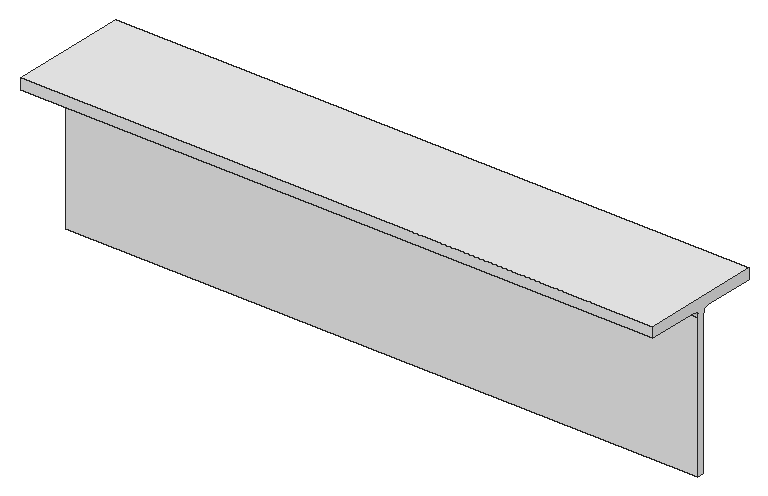
Revit family "M_WT Formas", category Quadro estrutural, Revit 2019
Family settings
  Arredondamento do comprimento do framing estrutural = 0.10 mm
  Forma do corte = Flange paralelo dividido em I
  Material para o comportamento do modelo = Aço
  Exportar sempre como geometria = Não
  Family Name Key = M_WT Shapes
  Nome do código = AISC 14.1
  Número OmniClass = 23.25.30.11.14.14
  Título OmniClass = Beams
  ID de item do Seek = WT-Shapes-0000-CAN-ENU
  Sempre na vertical = Sim
  Corte com vazios quando carregada = Não
  Representação simbólica = Das configurações de projeto
  Compartilhado = Não
  Exibir o pré-corte da família na vista da planta = Sim
Parameters (values of type "WT305X62.5")
  Largura = 229.00 mm
  Espessura da teia = 11.90 mm
  Concordância da teia = 12.70 mm
  Constante da empena = 1850000000.0 mm6
  Momento de inércia de torção = 766000.00 mm4
  Structural Material [instance] = Aço, 45-345
  Section Name Key = ""
  Section Area = 8000.0 mm²
  Plastic Modulus weak axis = 267000.0 mm³
  Plastic Modulus strong axis = 533000.0 mm³
  Nominal Weight = 612.91 N/m
  Moment of Inertia weak axis = 1960 cm⁴
  Moment of Inertia strong axis = 6910 cm⁴
  Height = 307.00 mm
  Flange Thickness = 19.6 mm
  Elastic Modulus weak axis = 172000.0 mm³
  Elastic Modulus strong axis = 300000.0 mm³
  Centroid Vertical = 231.60 mm
  Centroid Horizontal = Largura / 2  # 114.5 mm
  Bolt Spacing = 139.7 mm
  Assembly Code = ""
  Length [instance] = 1500.00 mm
Types (2, lengths in mm): name | Largura | Espessura da teia | Concordância da teia | Constante da empena | Momento de inércia de torção | Section Area | Plastic Modulus weak axis | Plastic Modulus strong axis | Nominal Weight | Moment of Inertia weak axis | Moment of Inertia strong axis | Height | Flange Thickness | Elastic Modulus weak axis | Elastic Modulus strong axis | Centroid Vertical | Centroid Horizontal
  WT305X62.5 | 229.00 | 11.90 | 12.70 | 1850000000.0 mm6 | 766000.00 mm4 | 8000.0 mm² | 267000.0 mm³ | 533000.0 mm³ | 612.91 N/m | 1960 cm⁴ | 6910 cm⁴ | 307.00 | 19.6 | 172000.0 mm³ | 300000.0 mm³ | 231.60 | 114.5
  WT460X119 | 305.00 | 16.50 | 19.10 | 14400000000.0 mm6 | 2570000.00 mm4 | 15200.0 mm² | 633000.0 mm³ | 1640000.0 mm³ | 1167 N/m | 6120 cm⁴ | 30800 cm⁴ | 457.00 | 25.9 | 403000.0 mm³ | 914000.0 mm³ | 337.00 | 152.5
Reference planes
  plane 1 "Centro (Frente/Trás)": y = 0
  plane 2: z = 0
  plane 3 "Centro (Esquerda/Direita)": x = 4.61
  plane 4 "Membro esquerdo": x = -604.99
  plane 5 "Membro direito": x = 614.21
  plane 6: y = 114.5
  plane 7: y = -114.5
  plane 8 "Esquerda": x = -757.39
  plane 9 "Direita": x = 742.61
  plane 10: z = 75.4
  plane 11: z = -231.6
Forms (mm)
  Sweep 1, solid, material "Aço, 45-345" <- "Structural Material", detail levels medium
    path origin (0, 0, 0) x (1, 0, 0) y (0, 1, 0)
      loop
        line (614.21, 0) -> (-604.99, 0)
    profile "M_T estrutural-Perfil-Médio : M_T estrutural-Perfil-Médio" origin (4.61, 0, 0) x (0, -1, 0) y (0, 0, 1)
      loop
        line (-114.5, 75.4) -> (-114.5, 55.8) -> (-5.95, 55.8) -> (-5.95, -231.6) -> (5.95, -231.6) -> (5.95, 55.8) -> (114.5, 55.8) -> (114.5, 75.4) -> (-114.5, 75.4)
  Sweep 2, solid, material "Aço, 45-345" <- "Structural Material", detail levels fine
    path origin (0, 0, 0) x (1, 0, 0) y (0, 1, 0)
      loop
        line (614.21, 0) -> (-604.99, 0)
    profile "M_T estrutural-Perfil-Alto : M_T estrutural-Perfil-Alto" origin (4.61, 0, 0) x (0, -1, 0) y (0, 0, 1)
      loop
        line (-114.5, 75.4) -> (-114.5, 55.8) -> (-18.65, 55.8)
        arc (-18.65, 55.8) -> (-9.67, 52.08) -> (-5.95, 43.1) r 12.7
        line (-5.95, 43.1) -> (-5.95, -231.6) -> (5.95, -231.6) -> (5.95, 43.1)
        arc (5.95, 43.1) -> (9.67, 52.08) -> (18.65, 55.8) r 12.7
        line (18.65, 55.8) -> (114.5, 55.8) -> (114.5, 75.4) -> (-114.5, 75.4)
Lines and regions (mm)
  symbolic lines, style "Faces ocultas", detail levels medium+fine
    curve 1: line (614.21, -5.95, 0) -> (-604.99, -5.95, 0)
    curve 2: line (614.21, 5.95, 0) -> (-604.99, 5.95, 0)
  symbolic lines, style "Símbolos de vara", detail levels coarse
    curve 3: line (4.61, 114.5, 75.4) -> (4.61, -114.5, 75.4)
    curve 4: line (4.61, 0, 75.4) -> (4.61, 0, -231.6)
Dimensions and locks
  "Largura": plane 6 to plane 7
  equal spacing: plane 6, plane 1 "Centro (Frente/Trás)", plane 7
  "Length": plane 8 "Esquerda" to plane 9 "Direita"
  "Height": plane 10 to plane 11
  "Centroid Vertical": level to plane 11
  equal spacing: curve 2, plane 1 "Centro (Frente/Trás)", curve 1
  "Espessura da teia": curve 2 to curve 1
  aligned and locked: Sweep 1 sketch curve to plane 1 "Centro (Frente/Trás)"
  aligned and locked: Sweep 2 sketch curve to plane 1 "Centro (Frente/Trás)"
  aligned and locked: Sweep 2 to curve 3  (x2)
  aligned and locked: curve 4 to Sweep 1
  aligned and locked: curve 3 to Sweep 2
  aligned and locked: plane 4 "Membro esquerdo" to Sweep 2 sketch curve
  aligned and locked: plane 5 "Membro direito" to Sweep 2 sketch curve
  aligned and locked: plane 4 "Membro esquerdo" to Sweep 1 sketch curve
  aligned and locked: plane 5 "Membro direito" to Sweep 1 sketch curve
  aligned and locked: plane 4 "Membro esquerdo" to curve 2
  aligned and locked: plane 4 "Membro esquerdo" to curve 1
  aligned and locked: plane 5 "Membro direito" to curve 1
  aligned and locked: plane 5 "Membro direito" to curve 2
  aligned and locked: curve 4 to plane 1 "Centro (Frente/Trás)"
  aligned and locked: plane 10 to curve 4
Types in the file's own list only (271): name | Largura | Espessura da teia | Concordância da teia | Constante da empena | Momento de inércia de torção | Chave do nome do corte | Área de corte | Eixo fraco do módulo plástico | Eixo forte do módulo plástico | Peso nominal | Eixo fraco do momento de inércia | Eixo forte do momento de inércia | Altura | Espessura do flange | Eixo fraco do módulo de elasticidade | Eixo forte do módulo de elasticidade | Centróide vertical | Centróide horizontal | Espaçamento do parafuso
  WT550X249.5 | 404.00 mm | 26.20 mm | 20.00 mm | 118000000000.0 mm6 | 15500000.00 mm4 | WT22X167.5 | 31700.0 mm² | 1930000.0 mm³ | 3830000.0 mm³ | 250.00 kgf/m | 250000000.00 mm4 | 903000000.00 mm4 | 559.00 mm | 45.00 mm | 1230000.0 mm³ | 2150000.0 mm³ | 419.00 mm | 202.00 mm | 139.70 mm
  WT550X216.5 | 401.00 mm | 22.00 mm | 19.80 mm | 73800000000.0 mm6 | 10600000.00 mm4 | WT22X145 | 27500.0 mm² | 1670000.0 mm³ | 3210000.0 mm³ | 216.00 kgf/m | 217000000.00 mm4 | 762000000.00 mm4 | 554.00 mm | 40.10 mm | 1080000.0 mm³ | 1820000.0 mm³ | 420.00 mm | 200.50 mm | 139.70 mm
  WT550X195 | 401.00 mm | 19.90 mm | 19.80 mm | 53700000000.0 mm6 | 7740000.00 mm4 | WT22X131 | 24800.0 mm² | 1490000.0 mm³ | 2880000.0 mm³ | 195.00 kgf/m | 192000000.00 mm4 | 683000000.00 mm4 | 551.00 mm | 36.10 mm | 960000.0 mm³ | 1630000.0 mm³ | 419.00 mm | 200.50 mm | 139.70 mm
  WT550X171.5 | 401.00 mm | 18.00 mm | 20.10 mm | 37300000000.0 mm6 | 5160000.00 mm4 | WT22X115 | 21900.0 mm² | 1280000.0 mm³ | 2570000.0 mm³ | 172.00 kgf/m | 166000000.00 mm4 | 599000000.00 mm4 | 546.00 mm | 31.00 mm | 828000.0 mm³ | 1450000.0 mm³ | 415.00 mm | 200.50 mm | 139.70 mm
  WT500X441.5 | 424.00 mm | 45.50 mm | 30.00 mm | 628000000000.0 mm6 | 92000000.00 mm4 | WT20X296.5 | 56300.0 mm² | 3930000.0 mm³ | 6210000.0 mm³ | 442.00 kgf/m | 524000000.00 mm4 | 1380000000.00 mm4 | 546.00 mm | 82.00 mm | 2470000.0 mm³ | 3420000.0 mm³ | 402.00 mm | 212.00 mm | 190.50 mm
  WT500X374 | 417.00 mm | 39.10 mm | 29.90 mm | 376000000000.0 mm6 | 57400000.00 mm4 | WT20X251.5 | 47700.0 mm² | 3230000.0 mm³ | 5150000.0 mm³ | 374.00 kgf/m | 425000000.00 mm4 | 1140000000.00 mm4 | 533.00 mm | 70.10 mm | 2030000.0 mm³ | 2850000.0 mm³ | 396.00 mm | 208.50 mm | 190.50 mm
  WT500X321 | 411.00 mm | 34.00 mm | 30.00 mm | 237000000000.0 mm6 | 36700000.00 mm4 | WT20X215.5 | 40800.0 mm² | 2690000.0 mm³ | 4360000.0 mm³ | 321.00 kgf/m | 351000000.00 mm4 | 953000000.00 mm4 | 523.00 mm | 59.90 mm | 1700000.0 mm³ | 2430000.0 mm³ | 391.00 mm | 205.50 mm | 190.50 mm
  WT500X295.5 | 409.00 mm | 31.00 mm | 30.00 mm | 182000000000.0 mm6 | 29400000.00 mm4 | WT20X198.5 | 37600.0 mm² | 2460000.0 mm³ | 3930000.0 mm³ | 296.00 kgf/m | 321000000.00 mm4 | 862000000.00 mm4 | 521.00 mm | 55.90 mm | 1570000.0 mm³ | 2200000.0 mm³ | 393.00 mm | 204.50 mm | 190.50 mm
  WT500X277 | 409.00 mm | 29.50 mm | 29.90 mm | 150000000000.0 mm6 | 24000000.00 mm4 | WT20X186 | 35300.0 mm² | 2260000.0 mm³ | 3690000.0 mm³ | 277.00 kgf/m | 295000000.00 mm4 | 803000000.00 mm4 | 516.00 mm | 52.10 mm | 1450000.0 mm³ | 2060000.0 mm³ | 390.00 mm | 204.50 mm | 190.50 mm
  WT500X269.5 | 406.00 mm | 28.40 mm | 29.90 mm | 137000000000.0 mm6 | 22600000.00 mm4 | WT20X181 | 34300.0 mm² | 2210000.0 mm³ | 3560000.0 mm³ | 270.00 kgf/m | 288000000.00 mm4 | 778000000.00 mm4 | 516.00 mm | 51.10 mm | 1410000.0 mm³ | 2000000.0 mm³ | 391.00 mm | 203.00 mm | 190.50 mm
  WT500X241.5 | 404.00 mm | 25.40 mm | 29.90 mm | 97200000000.0 mm6 | 16500000.00 mm4 | WT20X162 | 30800.0 mm² | 1950000.0 mm³ | 3150000.0 mm³ | 242.00 kgf/m | 253000000.00 mm4 | 687000000.00 mm4 | 511.00 mm | 46.00 mm | 1260000.0 mm³ | 1770000.0 mm³ | 390.00 mm | 202.00 mm | 190.50 mm
  WT500X221.5 | 401.00 mm | 23.60 mm | 30.00 mm | 74900000000.0 mm6 | 12700000.00 mm4 | WT20X148.5 | 28100.0 mm² | 1750000.0 mm³ | 2880000.0 mm³ | 222.00 kgf/m | 227000000.00 mm4 | 624000000.00 mm4 | 505.00 mm | 41.90 mm | 1130000.0 mm³ | 1620000.0 mm³ | 385.00 mm | 200.50 mm | 190.50 mm
  WT500X206 | 401.00 mm | 21.10 mm | 30.00 mm | 58500000000.0 mm6 | 10700000.00 mm4 | WT20X138.5 | 26300.0 mm² | 1670000.0 mm³ | 2570000.0 mm³ | 206.00 kgf/m | 217000000.00 mm4 | 566000000.00 mm4 | 503.00 mm | 40.10 mm | 1080000.0 mm³ | 1450000.0 mm³ | 389.00 mm | 200.50 mm | 190.50 mm
  WT500X185.5 | 401.00 mm | 19.10 mm | 29.90 mm | 42400000000.0 mm6 | 7910000.00 mm4 | WT20X124.5 | 23700.0 mm² | 1490000.0 mm³ | 2290000.0 mm³ | 186.00 kgf/m | 193000000.00 mm4 | 504000000.00 mm4 | 500.00 mm | 36.10 mm | 964000.0 mm³ | 1300000.0 mm³ | 388.00 mm | 200.50 mm | 190.50 mm
  WT500X160.5 | 401.00 mm | 16.50 mm | 30.00 mm | 27100000000.0 mm6 | 5160000.00 mm4 | WT20X107.5 | 20500.0 mm² | 1270000.0 mm³ | 1970000.0 mm³ | 160.00 kgf/m | 166000000.00 mm4 | 429000000.00 mm4 | 495.00 mm | 31.00 mm | 828000.0 mm³ | 1110000.0 mm³ | 386.00 mm | 200.50 mm | 190.50 mm
  WT500X148 | 401.00 mm | 16.50 mm | 30.00 mm | 22400000000.0 mm6 | 3800000.00 mm4 | WT20X99.5 | 18800.0 mm² | 1120000.0 mm³ | 1920000.0 mm³ | 148.00 kgf/m | 144000000.00 mm4 | 411000000.00 mm4 | 490.00 mm | 27.20 mm | 723000.0 mm³ | 1090000.0 mm³ | 376.00 mm | 200.50 mm | 190.50 mm
  WT500X292 | 315.00 mm | 36.10 mm | 30.00 mm | 214000000000.0 mm6 | 35500000.00 mm4 | WT20X196 | 37300.0 mm² | 1740000.0 mm³ | 4510000.0 mm³ | 292.00 kgf/m | 167000000.00 mm4 | 945000000.00 mm4 | 528.00 mm | 64.00 mm | 1060000.0 mm³ | 2510000.0 mm³ | 377.00 mm | 157.50 mm | 190.50 mm
  WT500X247 | 310.00 mm | 31.00 mm | 30.00 mm | 130000000000.0 mm6 | 21900000.00 mm4 | WT20X165.5 | 31500.0 mm² | 1400000.0 mm³ | 3790000.0 mm³ | 247.00 kgf/m | 134000000.00 mm4 | 783000000.00 mm4 | 518.00 mm | 54.10 mm | 867000.0 mm³ | 2100000.0 mm³ | 372.00 mm | 155.00 mm | 190.50 mm
  WT500X243 | 307.00 mm | 30.00 mm | 30.00 mm | 121000000000.0 mm6 | 21400000.00 mm4 | WT20X163.5 | 30900.0 mm² | 1390000.0 mm³ | 3670000.0 mm³ | 243.00 kgf/m | 133000000.00 mm4 | 766000000.00 mm4 | 518.00 mm | 54.10 mm | 864000.0 mm³ | 2050000.0 mm³ | 374.00 mm | 153.50 mm | 190.50 mm
  WT500X219 | 305.00 mm | 26.90 mm | 30.00 mm | 86500000000.0 mm6 | 15900000.00 mm4 | WT20X147 | 27800.0 mm² | 1230000.0 mm³ | 3260000.0 mm³ | 219.00 kgf/m | 117000000.00 mm4 | 678000000.00 mm4 | 513.00 mm | 49.00 mm | 765000.0 mm³ | 1820000.0 mm³ | 373.00 mm | 152.50 mm | 190.50 mm
  WT500X207.5 | 305.00 mm | 26.20 mm | 29.90 mm | 75700000000.0 mm6 | 13500000.00 mm4 | WT20X139 | 26500.0 mm² | 1150000.0 mm³ | 3130000.0 mm³ | 208.00 kgf/m | 109000000.00 mm4 | 645000000.00 mm4 | 511.00 mm | 46.00 mm | 713000.0 mm³ | 1740000.0 mm³ | 371.00 mm | 152.50 mm | 190.50 mm
  WT500X196.5 | 302.00 mm | 24.40 mm | 30.00 mm | 62600000000.0 mm6 | 11600000.00 mm4 | WT20X132 | 25000.0 mm² | 1080000.0 mm³ | 2920000.0 mm³ | 196.00 kgf/m | 102000000.00 mm4 | 604000000.00 mm4 | 508.00 mm | 43.90 mm | 677000.0 mm³ | 1630000.0 mm³ | 371.00 mm | 151.00 mm | 190.50 mm
  WT500X175 | 302.00 mm | 21.10 mm | 30.00 mm | 41900000000.0 mm6 | 8570000.00 mm4 | WT20X117.5 | 22300.0 mm² | 967000.0 mm³ | 2510000.0 mm³ | 175.00 kgf/m | 92400000.00 mm4 | 524000000.00 mm4 | 503.00 mm | 40.10 mm | 611000.0 mm³ | 1400000.0 mm³ | 372.00 mm | 151.00 mm | 190.50 mm
  WT500X157 | 300.00 mm | 19.10 mm | 29.90 mm | 30300000000.0 mm6 | 6330000.00 mm4 | WT20X105.5 | 20100.0 mm² | 854000.0 mm³ | 2250000.0 mm³ | 157.00 kgf/m | 81200000.00 mm4 | 466000000.00 mm4 | 500.00 mm | 36.10 mm | 541000.0 mm³ | 1260000.0 mm³ | 371.00 mm | 150.00 mm | 190.50 mm
  WT500X136 | 300.00 mm | 16.50 mm | 30.00 mm | 19100000000.0 mm6 | 4020000.00 mm4 | WT20X91.5 | 17200.0 mm² | 721000.0 mm³ | 1920000.0 mm³ | 136.00 kgf/m | 68700000.00 mm4 | 398000000.00 mm4 | 495.00 mm | 30.50 mm | 459000.0 mm³ | 1080000.0 mm³ | 369.00 mm | 150.00 mm | 190.50 mm
  WT500X124.5 | 300.00 mm | 16.50 mm | 29.90 mm | 16900000000.0 mm6 | 2910000.00 mm4 | WT20X83.5 | 15800.0 mm² | 619000.0 mm³ | 1880000.0 mm³ | 125.00 kgf/m | 58700000.00 mm4 | 374000000.00 mm4 | 490.00 mm | 26.20 mm | 392000.0 mm³ | 1040000.0 mm³ | 358.00 mm | 150.00 mm | 190.50 mm
  WT500X111 | 300.00 mm | 16.00 mm | 30.00 mm | 13900000000.0 mm6 | 1940000.00 mm4 | WT20X74.5 | 14100.0 mm² | 506000.0 mm³ | 1770000.0 mm³ | 111.00 kgf/m | 47500000.00 mm4 | 339000000.00 mm4 | 485.00 mm | 21.10 mm | 318000.0 mm³ | 978000.0 mm³ | 347.00 mm | 150.00 mm | 190.50 mm
  WT460X485 | 447.00 mm | 50.00 mm | 24.10 mm | 824000000000.0 mm6 | 123000000.00 mm4 | WT18X326 | 62100.0 mm² | 4750000.0 mm³ | 6280000.0 mm³ | 485.00 kgf/m | 670000000.00 mm4 | 1320000000.00 mm4 | 521.00 mm | 89.90 mm | 3020000.0 mm³ | 3410000.0 mm³ | 385.00 mm | 223.50 mm | 190.50 mm
  WT460X393.5 | 437.00 mm | 40.90 mm | 24.10 mm | 430000000000.0 mm6 | 67800000.00 mm4 | WT18X264.5 | 50200.0 mm² | 3720000.0 mm³ | 4880000.0 mm³ | 394.00 kgf/m | 516000000.00 mm4 | 1020000000.00 mm4 | 505.00 mm | 73.90 mm | 2380000.0 mm³ | 2690000.0 mm³ | 379.00 mm | 218.50 mm | 190.50 mm
  WT460X362.5 | 434.00 mm | 38.10 mm | 24.10 mm | 336000000000.0 mm6 | 53300000.00 mm4 | WT18X243.5 | 46300.0 mm² | 3380000.0 mm³ | 4460000.0 mm³ | 362.00 kgf/m | 466000000.00 mm4 | 924000000.00 mm4 | 500.00 mm | 68.10 mm | 2150000.0 mm³ | 2460000.0 mm³ | 377.00 mm | 217.00 mm | 190.50 mm
  WT460X328 | 432.00 mm | 34.50 mm | 24.10 mm | 245000000000.0 mm6 | 40200000.00 mm4 | WT18X220.5 | 41900.0 mm² | 3020000.0 mm³ | 3970000.0 mm³ | 328.00 kgf/m | 415000000.00 mm4 | 824000000.00 mm4 | 493.00 mm | 62.00 mm | 1920000.0 mm³ | 2200000.0 mm³ | 374.00 mm | 216.00 mm | 190.50 mm
  WT460X294 | 427.00 mm | 31.00 mm | 24.10 mm | 175000000000.0 mm6 | 29400000.00 mm4 | WT18X197.5 | 37500.0 mm² | 2650000.0 mm³ | 3490000.0 mm³ | 294.00 kgf/m | 365000000.00 mm4 | 724000000.00 mm4 | 488.00 mm | 55.90 mm | 1700000.0 mm³ | 1950000.0 mm³ | 373.00 mm | 213.50 mm | 190.50 mm
  WT460X268.5 | 424.00 mm | 28.40 mm | 24.10 mm | 132000000000.0 mm6 | 22500000.00 mm4 | WT18X180.5 | 34200.0 mm² | 2390000.0 mm³ | 3150000.0 mm³ | 268.00 kgf/m | 327000000.00 mm4 | 653000000.00 mm4 | 483.00 mm | 51.10 mm | 1540000.0 mm³ | 1750000.0 mm³ | 371.00 mm | 212.00 mm | 190.50 mm
  WT460X245.5 | 422.00 mm | 25.90 mm | 24.10 mm | 99900000000.0 mm6 | 17500000.00 mm4 | WT18X165 | 31200.0 mm² | 2160000.0 mm³ | 2830000.0 mm³ | 246.00 kgf/m | 296000000.00 mm4 | 587000000.00 mm4 | 478.00 mm | 47.00 mm | 1400000.0 mm³ | 1590000.0 mm³ | 369.00 mm | 211.00 mm | 190.50 mm
  WT460X224.5 | 424.00 mm | 24.00 mm | 24.10 mm | 76500000000.0 mm6 | 13400000.00 mm4 | WT18X151 | 28700.0 mm² | 1970000.0 mm³ | 2590000.0 mm³ | 224.00 kgf/m | 270000000.00 mm4 | 533000000.00 mm4 | 475.00 mm | 42.70 mm | 1270000.0 mm³ | 1460000.0 mm³ | 368.00 mm | 212.00 mm | 190.50 mm
  WT460X210 | 422.00 mm | 22.50 mm | 24.10 mm | 62000000000.0 mm6 | 10900000.00 mm4 | WT18X141 | 26800.0 mm² | 1840000.0 mm³ | 2390000.0 mm³ | 210.00 kgf/m | 249000000.00 mm4 | 495000000.00 mm4 | 472.00 mm | 39.90 mm | 1180000.0 mm³ | 1350000.0 mm³ | 366.00 mm | 211.00 mm | 190.50 mm
  WT460X195 | 422.00 mm | 21.30 mm | 24.10 mm | 49700000000.0 mm6 | 8660000.00 mm4 | WT18X131 | 24800.0 mm² | 1670000.0 mm³ | 2250000.0 mm³ | 195.00 kgf/m | 227000000.00 mm4 | 462000000.00 mm4 | 467.00 mm | 36.60 mm | 1080000.0 mm³ | 1270000.0 mm³ | 362.00 mm | 211.00 mm | 190.50 mm
  WT460X184 | 419.00 mm | 20.30 mm | 24.10 mm | 41600000000.0 mm6 | 7200000.00 mm4 | WT18X123.5 | 23400.0 mm² | 1550000.0 mm³ | 2110000.0 mm³ | 184.00 kgf/m | 211000000.00 mm4 | 433000000.00 mm4 | 465.00 mm | 34.30 mm | 1010000.0 mm³ | 1200000.0 mm³ | 360.00 mm | 209.50 mm | 190.50 mm
  WT460X171.9 | 419.00 mm | 19.30 mm | 24.10 mm | 34600000000.0 mm6 | 5950000.00 mm4 | WT18X115.5 | 22000.0 mm² | 1440000.0 mm³ | 2000000.0 mm³ | 172.00 kgf/m | 196000000.00 mm4 | 407000000.00 mm4 | 464.00 mm | 32.00 mm | 934000.0 mm³ | 1130000.0 mm³ | 360.00 mm | 209.50 mm | 190.50 mm
  WT460X190.5 | 310.00 mm | 24.40 mm | 19.10 mm | 55000000000.0 mm6 | 11000000.00 mm4 | WT18X128 | 24300.0 mm² | 1120000.0 mm³ | 2560000.0 mm³ | 190.00 kgf/m | 110000000.00 mm4 | 504000000.00 mm4 | 475.00 mm | 43.90 mm | 708000.0 mm³ | 1430000.0 mm³ | 350.00 mm | 155.00 mm | 139.70 mm
  WT460X172.5 | 307.00 mm | 22.10 mm | 19.00 mm | 40500000000.0 mm6 | 8200000.00 mm4 | WT18X116 | 21900.0 mm² | 998000.0 mm³ | 2290000.0 mm³ | 172.00 kgf/m | 97400000.00 mm4 | 450000000.00 mm4 | 472.00 mm | 39.90 mm | 633000.0 mm³ | 1290000.0 mm³ | 350.00 mm | 153.50 mm | 139.70 mm
  WT460X156.5 | 310.00 mm | 21.10 mm | 19.10 mm | 32000000000.0 mm6 | 5790000.00 mm4 | WT18X105 | 19900.0 mm² | 875000.0 mm³ | 2150000.0 mm³ | 156.00 kgf/m | 85700000.00 mm4 | 410000000.00 mm4 | 465.00 mm | 34.50 mm | 554000.0 mm³ | 1200000.0 mm³ | 341.00 mm | 155.00 mm | 139.70 mm
  WT460X144.5 | 307.00 mm | 19.40 mm | 19.10 mm | 24900000000.0 mm6 | 4620000.00 mm4 | WT18X97 | 18400.0 mm² | 800000.0 mm³ | 1970000.0 mm³ | 144.00 kgf/m | 77800000.00 mm4 | 375000000.00 mm4 | 462.00 mm | 32.00 mm | 506000.0 mm³ | 1100000.0 mm³ | 340.00 mm | 153.50 mm | 139.70 mm
  WT460X135.5 | 307.00 mm | 18.40 mm | 19.00 mm | 20800000000.0 mm6 | 3830000.00 mm4 | WT18X91 | 17300.0 mm² | 742000.0 mm³ | 1850000.0 mm³ | 136.00 kgf/m | 72400000.00 mm4 | 352000000.00 mm4 | 462.00 mm | 30.00 mm | 472000.0 mm³ | 1030000.0 mm³ | 341.00 mm | 153.50 mm | 139.70 mm
  WT460X126.5 | 305.00 mm | 17.30 mm | 19.10 mm | 17000000000.0 mm6 | 3130000.00 mm4 | WT18X85 | 16100.0 mm² | 685000.0 mm³ | 1720000.0 mm³ | 126.00 kgf/m | 66600000.00 mm4 | 327000000.00 mm4 | 460.00 mm | 27.90 mm | 436000.0 mm³ | 965000.0 mm³ | 340.00 mm | 152.50 mm | 139.70 mm
  WT460X111.5 | 305.00 mm | 15.90 mm | 19.00 mm | 12400000000.0 mm6 | 2100000.00 mm4 | WT18X75 | 14300.0 mm² | 580000.0 mm³ | 1560000.0 mm³ | 112.00 kgf/m | 56200000.00 mm4 | 291000000.00 mm4 | 455.00 mm | 23.90 mm | 369000.0 mm³ | 870000.0 mm³ | 334.00 mm | 152.50 mm | 139.70 mm
  WT460X100.5 | 305.00 mm | 15.20 mm | 19.00 mm | 10000000000.0 mm6 | 1450000.00 mm4 | WT18X67.5 | 12800.0 mm² | 488000.0 mm³ | 1480000.0 mm³ | 100.00 kgf/m | 47000000.00 mm4 | 265000000.00 mm4 | 452.00 mm | 20.10 mm | 310000.0 mm³ | 814000.0 mm³ | 326.00 mm | 152.50 mm | 139.70 mm
  WT420X288 | 411.00 mm | 32.00 mm | 20.10 mm | 165000000000.0 mm6 | 30800000.00 mm4 | WT16.5X193.5 | 36800.0 mm² | 2560000.0 mm³ | 3160000.0 mm³ | 288.00 kgf/m | 337000000.00 mm4 | 608000000.00 mm4 | 457.00 mm | 57.90 mm | 1640000.0 mm³ | 1750000.0 mm³ | 349.00 mm | 205.50 mm | 139.70 mm
  WT420X263.5 | 409.00 mm | 29.50 mm | 20.10 mm | 126000000000.0 mm6 | 23800000.00 mm4 | WT16.5X177 | 33600.0 mm² | 2310000.0 mm³ | 2850000.0 mm³ | 264.00 kgf/m | 303000000.00 mm4 | 549000000.00 mm4 | 452.00 mm | 53.10 mm | 1480000.0 mm³ | 1590000.0 mm³ | 347.00 mm | 204.50 mm | 139.70 mm
  WT420X236.5 | 406.00 mm | 26.40 mm | 20.10 mm | 90000000000.0 mm6 | 17500000.00 mm4 | WT16.5X159 | 30200.0 mm² | 2050000.0 mm³ | 2520000.0 mm³ | 237.00 kgf/m | 268000000.00 mm4 | 483000000.00 mm4 | 447.00 mm | 48.00 mm | 1320000.0 mm³ | 1410000.0 mm³ | 345.00 mm | 203.00 mm | 139.70 mm
  WT420X216.5 | 404.00 mm | 24.40 mm | 20.10 mm | 68700000000.0 mm6 | 13500000.00 mm4 | WT16.5X145.5 | 27600.0 mm² | 1850000.0 mm³ | 2290000.0 mm³ | 216.00 kgf/m | 242000000.00 mm4 | 441000000.00 mm4 | 442.00 mm | 43.90 mm | 1200000.0 mm³ | 1280000.0 mm³ | 342.20 mm | 202.00 mm | 139.70 mm
  WT420X196 | 401.00 mm | 22.10 mm | 20.00 mm | 50500000000.0 mm6 | 10100000.00 mm4 | WT16.5X131.5 | 25000.0 mm² | 1660000.0 mm³ | 2050000.0 mm³ | 196.00 kgf/m | 215000000.00 mm4 | 393000000.00 mm4 | 439.00 mm | 39.90 mm | 1070000.0 mm³ | 1150000.0 mm³ | 341.70 mm | 200.50 mm | 139.70 mm
  WT420X179.5 | 404.00 mm | 21.10 mm | 20.00 mm | 39200000000.0 mm6 | 7490000.00 mm4 | WT16.5X120.5 | 23000.0 mm² | 1490000.0 mm³ | 1900000.0 mm³ | 180.00 kgf/m | 194000000.00 mm4 | 363000000.00 mm4 | 434.00 mm | 35.60 mm | 964000.0 mm³ | 1080000.0 mm³ | 336.50 mm | 202.00 mm | 139.70 mm
  WT420X164.5 | 401.00 mm | 19.70 mm | 19.80 mm | 30300000000.0 mm6 | 5790000.00 mm4 | WT16.5X110.5 | 21000.0 mm² | 1350000.0 mm³ | 1750000.0 mm³ | 164.00 kgf/m | 175000000.00 mm4 | 333000000.00 mm4 | 432.00 mm | 32.50 mm | 872000.0 mm³ | 996000.0 mm³ | 335.20 mm | 200.50 mm | 139.70 mm
  WT420X149.5 | 399.00 mm | 18.20 mm | 20.10 mm | 22800000000.0 mm6 | 4330000.00 mm4 | WT16.5X100.5 | 19200.0 mm² | 1200000.0 mm³ | 1600000.0 mm³ | 150.00 kgf/m | 156000000.00 mm4 | 302000000.00 mm4 | 427.00 mm | 29.20 mm | 780000.0 mm³ | 909000.0 mm³ | 331.20 mm | 199.50 mm | 139.70 mm
  WT420X125.5 | 292.00 mm | 17.00 mm | 17.80 mm | 14900000000.0 mm6 | 3670000.00 mm4 | WT16.5X84.5 | 15900.0 mm² | 690000.0 mm³ | 1490000.0 mm³ | 125.00 kgf/m | 64500000.00 mm4 | 270000000.00 mm4 | 429.00 mm | 31.00 mm | 442000.0 mm³ | 837000.0 mm³ | 322.00 mm | 146.00 mm | 139.70 mm
  WT420X113 | 295.00 mm | 16.10 mm | 17.80 mm | 11500000000.0 mm6 | 2560000.00 mm4 | WT16.5X76 | 14500.0 mm² | 605000.0 mm³ | 1380000.0 mm³ | 113.00 kgf/m | 56600000.00 mm4 | 246000000.00 mm4 | 424.00 mm | 26.90 mm | 387000.0 mm³ | 777000.0 mm³ | 316.00 mm | 147.50 mm | 139.70 mm
  WT420X105 | 292.00 mm | 15.40 mm | 17.80 mm | 9510000000.0 mm6 | 2010000.00 mm4 | WT16.5X70.5 | 13400.0 mm² | 547000.0 mm³ | 1310000.0 mm³ | 105.00 kgf/m | 51200000.00 mm4 | 230000000.00 mm4 | 424.00 mm | 24.40 mm | 349000.0 mm³ | 733000.0 mm³ | 315.00 mm | 146.00 mm | 139.70 mm
  WT420X96.5 | 292.00 mm | 14.70 mm | 17.90 mm | 7870000000.0 mm6 | 1530000.00 mm4 | WT16.5X65 | 12300.0 mm² | 487000.0 mm³ | 1240000.0 mm³ | 96.50 kgf/m | 45400000.00 mm4 | 214000000.00 mm4 | 419.00 mm | 21.70 mm | 310000.0 mm³ | 690000.0 mm³ | 308.00 mm | 146.00 mm | 139.70 mm
  WT420X88 | 292.00 mm | 14.00 mm | 17.80 mm | 6280000000.0 mm6 | 1100000.00 mm4 | WT16.5X59 | 11200.0 mm² | 420000.0 mm³ | 1160000.0 mm³ | 88.00 kgf/m | 38900000.00 mm4 | 195000000.00 mm4 | 417.00 mm | 18.80 mm | 267000.0 mm³ | 642000.0 mm³ | 303.00 mm | 146.00 mm | 139.70 mm
  WT380X291 | 396.00 mm | 34.50 mm | 20.00 mm | 171000000000.0 mm6 | 35900000.00 mm4 | WT15X195.5 | 37200.0 mm² | 2540000.0 mm³ | 2900000.0 mm³ | 291.00 kgf/m | 322000000.00 mm4 | 508000000.00 mm4 | 422.00 mm | 62.00 mm | 1630000.0 mm³ | 1590000.0 mm³ | 320.00 mm | 198.00 mm | 139.70 mm
  WT380X265.5 | 394.00 mm | 31.50 mm | 20.10 mm | 128000000000.0 mm6 | 27700000.00 mm4 | WT15X178.5 | 33900.0 mm² | 2290000.0 mm³ | 2610000.0 mm³ | 266.00 kgf/m | 288000000.00 mm4 | 454000000.00 mm4 | 417.00 mm | 56.90 mm | 1470000.0 mm³ | 1430000.0 mm³ | 318.70 mm | 197.00 mm | 139.70 mm
  WT380X242 | 391.00 mm | 29.00 mm | 20.00 mm | 96900000000.0 mm6 | 21300000.00 mm4 | WT15X163 | 31000.0 mm² | 2060000.0 mm³ | 2340000.0 mm³ | 242.00 kgf/m | 259000000.00 mm4 | 408000000.00 mm4 | 411.00 mm | 52.10 mm | 1330000.0 mm³ | 1290000.0 mm³ | 315.50 mm | 195.50 mm | 139.70 mm
  WT380X217 | 389.00 mm | 25.90 mm | 20.10 mm | 69000000000.0 mm6 | 15600000.00 mm4 | WT15X146 | 27700.0 mm² | 1820000.0 mm³ | 2050000.0 mm³ | 217.00 kgf/m | 229000000.00 mm4 | 358000000.00 mm4 | 406.00 mm | 47.00 mm | 1180000.0 mm³ | 1140000.0 mm³ | 314.10 mm | 194.50 mm | 139.70 mm
  WT380X194.5 | 386.00 mm | 23.60 mm | 20.10 mm | 49400000000.0 mm6 | 11200000.00 mm4 | WT15X130.5 | 24800.0 mm² | 1600000.0 mm³ | 1840000.0 mm³ | 194.00 kgf/m | 200000000.00 mm4 | 318000000.00 mm4 | 401.00 mm | 41.90 mm | 1040000.0 mm³ | 1020000.0 mm³ | 311.10 mm | 193.00 mm | 139.70 mm
  WT380X175 | 384.00 mm | 21.10 mm | 20.10 mm | 35700000000.0 mm6 | 8370000.00 mm4 | WT15X117.5 | 22400.0 mm² | 1430000.0 mm³ | 1610000.0 mm³ | 175.00 kgf/m | 178000000.00 mm4 | 281000000.00 mm4 | 399.00 mm | 38.10 mm | 931000.0 mm³ | 903000.0 mm³ | 312.40 mm | 192.00 mm | 139.70 mm
  WT380X157 | 384.00 mm | 19.70 mm | 19.80 mm | 25900000000.0 mm6 | 5870000.00 mm4 | WT15X105.5 | 20100.0 mm² | 1270000.0 mm³ | 1470000.0 mm³ | 157.00 kgf/m | 157000000.00 mm4 | 254000000.00 mm4 | 394.00 mm | 33.50 mm | 821000.0 mm³ | 828000.0 mm³ | 307.90 mm | 192.00 mm | 139.70 mm
  WT380X142 | 381.00 mm | 18.00 mm | 19.80 mm | 19100000000.0 mm6 | 4370000.00 mm4 | WT15X95.5 | 18100.0 mm² | 1130000.0 mm³ | 1320000.0 mm³ | 142.00 kgf/m | 140000000.00 mm4 | 229000000.00 mm4 | 389.00 mm | 30.20 mm | 733000.0 mm³ | 749000.0 mm³ | 304.20 mm | 190.50 mm | 139.70 mm
  WT380X128.5 | 381.00 mm | 16.60 mm | 19.80 mm | 14200000000.0 mm6 | 3240000.00 mm4 | WT15X86.5 | 16400.0 mm² | 1010000.0 mm³ | 1200000.0 mm³ | 128.00 kgf/m | 124000000.00 mm4 | 207000000.00 mm4 | 386.00 mm | 27.20 mm | 654000.0 mm³ | 683000.0 mm³ | 301.90 mm | 190.50 mm | 139.70 mm
  WT380X110 | 267.00 mm | 16.50 mm | 16.50 mm | 10100000000.0 mm6 | 3010000.00 mm4 | WT15X74 | 14100.0 mm² | 556000.0 mm³ | 1180000.0 mm³ | 110.00 kgf/m | 47500000.00 mm4 | 194000000.00 mm4 | 389.00 mm | 30.00 mm | 356000.0 mm³ | 665000.0 mm³ | 291.50 mm | 133.50 mm | 139.70 mm
  WT380X98 | 267.00 mm | 15.60 mm | 16.50 mm | 7650000000.0 mm6 | 2020000.00 mm4 | WT15X66 | 12600.0 mm² | 479000.0 mm³ | 1090000.0 mm³ | 98.00 kgf/m | 40800000.00 mm4 | 175000000.00 mm4 | 386.00 mm | 25.40 mm | 305000.0 mm³ | 613000.0 mm³ | 286.90 mm | 133.50 mm | 139.70 mm
  WT380X92.5 | 267.00 mm | 14.90 mm | 16.50 mm | 6420000000.0 mm6 | 1660000.00 mm4 | WT15X62 | 11700.0 mm² | 442000.0 mm³ | 1030000.0 mm³ | 92.50 kgf/m | 37600000.00 mm4 | 165000000.00 mm4 | 384.00 mm | 23.60 mm | 282000.0 mm³ | 578000.0 mm³ | 284.90 mm | 133.50 mm | 139.70 mm
  WT380X86.5 | 267.00 mm | 14.40 mm | 16.50 mm | 5500000000.0 mm6 | 1340000.00 mm4 | WT15X58 | 11000.0 mm² | 403000.0 mm³ | 990000.0 mm³ | 86.50 kgf/m | 34200000.00 mm4 | 155000000.00 mm4 | 381.00 mm | 21.60 mm | 256000.0 mm³ | 552000.0 mm³ | 281.00 mm | 133.50 mm | 139.70 mm
  WT380X80.5 | 267.00 mm | 13.80 mm | 16.50 mm | 4650000000.0 mm6 | 1040000.00 mm4 | WT15X54 | 10300.0 mm² | 359000.0 mm³ | 946000.0 mm³ | 80.50 kgf/m | 30400000.00 mm4 | 145000000.00 mm4 | 378.00 mm | 19.30 mm | 228000.0 mm³ | 524000.0 mm³ | 276.00 mm | 133.50 mm | 139.70 mm
  WT380X73.5 | 267.00 mm | 13.20 mm | 16.50 mm | 3840000000.0 mm6 | 783000.00 mm4 | WT15X49.5 | 9350.0 mm² | 316000.0 mm³ | 891000.0 mm³ | 73.50 kgf/m | 26600000.00 mm4 | 134000000.00 mm4 | 376.00 mm | 17.00 mm | 200000.0 mm³ | 492000.0 mm³ | 272.00 mm | 133.50 mm | 139.70 mm
  WT380X67 | 264.00 mm | 11.90 mm | 16.50 mm | 2820000000.0 mm6 | 587000.00 mm4 | WT15X45 | 8520.0 mm² | 283000.0 mm³ | 803000.0 mm³ | 67.00 kgf/m | 23900000.00 mm4 | 121000000.00 mm4 | 376.00 mm | 15.50 mm | 180000.0 mm³ | 444000.0 mm³ | 273.00 mm | 132.00 mm | 139.70 mm
  WT345X401 | 389.00 mm | 50.00 mm | 20.10 mm | 467000000000.0 mm6 | 103000000.00 mm4 | WT13.5X269.5 | 51200.0 mm² | 3570000.0 mm³ | 3970000.0 mm³ | 401.00 kgf/m | 441000000.00 mm4 | 637000000.00 mm4 | 414.00 mm | 89.90 mm | 2260000.0 mm³ | 2100000.0 mm³ | 304.00 mm | 194.50 mm | 139.70 mm
  WT345X274 | 373.00 mm | 35.10 mm | 20.10 mm | 143000000000.0 mm6 | 35200000.00 mm4 | WT13.5X184 | 35000.0 mm² | 2290000.0 mm³ | 2470000.0 mm³ | 274.00 kgf/m | 273000000.00 mm4 | 391000000.00 mm4 | 386.00 mm | 63.00 mm | 1460000.0 mm³ | 1340000.0 mm³ | 291.80 mm | 186.50 mm | 139.70 mm
  WT345X250 | 371.00 mm | 32.00 mm | 20.10 mm | 108000000000.0 mm6 | 27200000.00 mm4 | WT13.5X168 | 31900.0 mm² | 2060000.0 mm³ | 2210000.0 mm³ | 250.00 kgf/m | 244000000.00 mm4 | 349000000.00 mm4 | 381.00 mm | 57.90 mm | 1320000.0 mm³ | 1200000.0 mm³ | 290.10 mm | 185.50 mm | 139.70 mm
  WT345X228.5 | 366.00 mm | 29.50 mm | 20.10 mm | 81600000000.0 mm6 | 21000000.00 mm4 | WT13.5X153.5 | 29200.0 mm² | 1850000.0 mm³ | 1980000.0 mm³ | 228.00 kgf/m | 219000000.00 mm4 | 313000000.00 mm4 | 376.00 mm | 53.10 mm | 1190000.0 mm³ | 1090000.0 mm³ | 287.90 mm | 183.00 mm | 139.70 mm
  WT345X209.5 | 366.00 mm | 26.90 mm | 20.10 mm | 62300000000.0 mm6 | 16500000.00 mm4 | WT13.5X140.5 | 26800.0 mm² | 1690000.0 mm³ | 1790000.0 mm³ | 210.00 kgf/m | 199000000.00 mm4 | 282000000.00 mm4 | 371.00 mm | 49.00 mm | 1090000.0 mm³ | 982000.0 mm³ | 285.90 mm | 183.00 mm | 139.70 mm
  WT345X192 | 363.00 mm | 24.90 mm | 20.00 mm | 47800000000.0 mm6 | 12800000.00 mm4 | WT13.5X129 | 24600.0 mm² | 1530000.0 mm³ | 1620000.0 mm³ | 192.00 kgf/m | 179000000.00 mm4 | 255000000.00 mm4 | 368.00 mm | 45.00 mm | 987000.0 mm³ | 896000.0 mm³ | 284.90 mm | 181.50 mm | 139.70 mm
  WT345X175 | 361.00 mm | 23.10 mm | 20.10 mm | 36300000000.0 mm6 | 9740000.00 mm4 | WT13.5X117.5 | 22400.0 mm² | 1370000.0 mm³ | 1470000.0 mm³ | 175.00 kgf/m | 160000000.00 mm4 | 231000000.00 mm4 | 363.00 mm | 40.90 mm | 888000.0 mm³ | 819000.0 mm³ | 281.70 mm | 180.50 mm | 139.70 mm
  WT345X161.5 | 358.00 mm | 21.10 mm | 20.10 mm | 28200000000.0 mm6 | 7830000.00 mm4 | WT13.5X108.5 | 20600.0 mm² | 1260000.0 mm³ | 1330000.0 mm³ | 162.00 kgf/m | 147000000.00 mm4 | 209000000.00 mm4 | 361.00 mm | 38.10 mm | 818000.0 mm³ | 741000.0 mm³ | 282.30 mm | 179.00 mm | 139.70 mm
  WT345X144.5 | 356.00 mm | 19.10 mm | 20.10 mm | 20000000000.0 mm6 | 5620000.00 mm4 | WT13.5X97 | 18500.0 mm² | 1110000.0 mm³ | 1180000.0 mm³ | 145.00 kgf/m | 129000000.00 mm4 | 185000000.00 mm4 | 358.00 mm | 34.00 mm | 723000.0 mm³ | 660000.0 mm³ | 281.30 mm | 178.00 mm | 139.70 mm
  WT345X132.5 | 358.00 mm | 18.40 mm | 20.10 mm | 15500000000.0 mm6 | 4160000.00 mm4 | WT13.5X89 | 17000.0 mm² | 996000.0 mm³ | 1110000.0 mm³ | 132.00 kgf/m | 116000000.00 mm4 | 172000000.00 mm4 | 353.00 mm | 30.20 mm | 646000.0 mm³ | 626000.0 mm³ | 275.80 mm | 179.00 mm | 139.70 mm
  WT345X120 | 356.00 mm | 16.80 mm | 20.10 mm | 11500000000.0 mm6 | 3130000.00 mm4 | WT13.5X80.5 | 15400.0 mm² | 893000.0 mm³ | 996000.0 mm³ | 120.00 kgf/m | 103000000.00 mm4 | 155000000.00 mm4 | 351.00 mm | 27.40 mm | 580000.0 mm³ | 564000.0 mm³ | 275.30 mm | 178.00 mm | 139.70 mm
  WT345X108.5 | 356.00 mm | 15.40 mm | 19.90 mm | 8510000000.0 mm6 | 2340000.00 mm4 | WT13.5X73 | 13900.0 mm² | 800000.0 mm³ | 901000.0 mm³ | 108.00 kgf/m | 92400000.00 mm4 | 140000000.00 mm4 | 348.00 mm | 24.80 mm | 519000.0 mm³ | 511000.0 mm³ | 273.30 mm | 178.00 mm | 139.70 mm
  WT345X96 | 254.00 mm | 15.50 mm | 15.30 mm | 6440000000.0 mm6 | 2310000.00 mm4 | WT13.5X64.5 | 12200.0 mm² | 472000.0 mm³ | 903000.0 mm³ | 96.00 kgf/m | 38400000.00 mm4 | 134000000.00 mm4 | 351.00 mm | 27.90 mm | 302000.0 mm³ | 508000.0 mm³ | 264.90 mm | 127.00 mm | 139.70 mm
  WT345X85 | 257.00 mm | 14.50 mm | 15.30 mm | 4700000000.0 mm6 | 1520000.00 mm4 | WT13.5X57 | 10800.0 mm² | 403000.0 mm³ | 826000.0 mm³ | 85.00 kgf/m | 33000000.00 mm4 | 120000000.00 mm4 | 345.00 mm | 23.60 mm | 259000.0 mm³ | 464000.0 mm³ | 258.10 mm | 128.50 mm | 139.70 mm
  WT345X76 | 254.00 mm | 13.10 mm | 15.20 mm | 3380000000.0 mm6 | 1090000.00 mm4 | WT13.5X51 | 9680.0 mm² | 356000.0 mm³ | 737000.0 mm³ | 76.00 kgf/m | 29000000.00 mm4 | 107000000.00 mm4 | 343.00 mm | 21.10 mm | 228000.0 mm³ | 415000.0 mm³ | 257.40 mm | 127.00 mm | 139.70 mm
  WT345X70 | 254.00 mm | 12.40 mm | 15.10 mm | 2740000000.0 mm6 | 837000.00 mm4 | WT13.5X47 | 8900.0 mm² | 318000.0 mm³ | 695000.0 mm³ | 70.00 kgf/m | 25800000.00 mm4 | 99500000.00 mm4 | 343.00 mm | 18.90 mm | 203000.0 mm³ | 390000.0 mm³ | 256.40 mm | 127.00 mm | 139.70 mm
  WT345X62.5 | 254.00 mm | 11.70 mm | 15.20 mm | 2090000000.0 mm6 | 583000.00 mm4 | WT13.5X42 | 8000.0 mm² | 272000.0 mm³ | 642000.0 mm³ | 62.50 kgf/m | 22000000.00 mm4 | 89900000.00 mm4 | 340.00 mm | 16.30 mm | 174000.0 mm³ | 359000.0 mm³ | 251.60 mm | 127.00 mm | 139.70 mm
  WT305X275.5 | 348.00 mm | 38.60 mm | 12.70 mm | 149000000000.0 mm6 | 41600000.00 mm4 | WT12X185 | 35200.0 mm² | 2180000.0 mm³ | 2290000.0 mm³ | 276.00 kgf/m | 242000000.00 mm4 | 324000000.00 mm4 | 356.00 mm | 69.10 mm | 1390000.0 mm³ | 1220000.0 mm³ | 265.30 mm | 174.00 mm | 139.70 mm
  WT305X249 | 343.00 mm | 35.10 mm | 12.70 mm | 109000000000.0 mm6 | 31500000.00 mm4 | WT12X167.5 | 31700.0 mm² | 1950000.0 mm³ | 2020000.0 mm³ | 249.00 kgf/m | 214000000.00 mm4 | 286000000.00 mm4 | 351.00 mm | 63.00 mm | 1240000.0 mm³ | 1090000.0 mm³ | 264.10 mm | 171.50 mm | 139.70 mm
  WT305X227.5 | 340.00 mm | 32.00 mm | 12.70 mm | 81900000000.0 mm6 | 24300000.00 mm4 | WT12X153 | 29000.0 mm² | 1750000.0 mm³ | 1800000.0 mm³ | 228.00 kgf/m | 191000000.00 mm4 | 254000000.00 mm4 | 345.00 mm | 57.90 mm | 1120000.0 mm³ | 973000.0 mm³ | 261.40 mm | 170.00 mm | 139.70 mm
  WT305X207.5 | 338.00 mm | 29.50 mm | 12.70 mm | 61800000000.0 mm6 | 18800000.00 mm4 | WT12X139.5 | 26500.0 mm² | 1580000.0 mm³ | 1620000.0 mm³ | 208.00 kgf/m | 171000000.00 mm4 | 227000000.00 mm4 | 340.00 mm | 53.10 mm | 1010000.0 mm³ | 878000.0 mm³ | 259.20 mm | 169.00 mm | 139.70 mm
  WT305X186 | 335.00 mm | 26.40 mm | 12.70 mm | 44300000000.0 mm6 | 13800000.00 mm4 | WT12X125 | 23700.0 mm² | 1400000.0 mm³ | 1420000.0 mm³ | 186.00 kgf/m | 151000000.00 mm4 | 199000000.00 mm4 | 335.00 mm | 48.00 mm | 900000.0 mm³ | 773000.0 mm³ | 257.50 mm | 167.50 mm | 139.70 mm
  WT305X170.5 | 333.00 mm | 24.40 mm | 12.70 mm | 33600000000.0 mm6 | 10600000.00 mm4 | WT12X114.5 | 21700.0 mm² | 1260000.0 mm³ | 1280000.0 mm³ | 170.00 kgf/m | 136000000.00 mm4 | 179000000.00 mm4 | 330.00 mm | 43.90 mm | 814000.0 mm³ | 703000.0 mm³ | 254.80 mm | 166.50 mm | 139.70 mm
  WT305X153.5 | 330.00 mm | 22.10 mm | 12.70 mm | 24500000000.0 mm6 | 7950000.00 mm4 | WT12X103.5 | 19500.0 mm² | 1120000.0 mm³ | 1140000.0 mm³ | 154.00 kgf/m | 120000000.00 mm4 | 159000000.00 mm4 | 328.00 mm | 39.90 mm | 728000.0 mm³ | 628000.0 mm³ | 255.10 mm | 165.00 mm | 139.70 mm
  WT305X142.5 | 330.00 mm | 20.60 mm | 12.70 mm | 19500000000.0 mm6 | 6370000.00 mm4 | WT12X96 | 18200.0 mm² | 1030000.0 mm³ | 1040000.0 mm³ | 142.00 kgf/m | 110000000.00 mm4 | 146000000.00 mm4 | 323.00 mm | 37.10 mm | 670000.0 mm³ | 577000.0 mm³ | 251.90 mm | 165.00 mm | 139.70 mm
  WT305X131 | 328.00 mm | 19.10 mm | 12.70 mm | 15000000000.0 mm6 | 4950000.00 mm4 | WT12X88 | 16600.0 mm² | 939000.0 mm³ | 947000.0 mm³ | 131.00 kgf/m | 99900000.00 mm4 | 133000000.00 mm4 | 320.00 mm | 34.00 mm | 610000.0 mm³ | 528000.0 mm³ | 250.40 mm | 164.00 mm | 139.70 mm
  WT305X120.5 | 330.00 mm | 17.90 mm | 12.70 mm | 11800000000.0 mm6 | 3840000.00 mm4 | WT12X81 | 15400.0 mm² | 862000.0 mm³ | 873000.0 mm³ | 120.00 kgf/m | 92000000.00 mm4 | 122000000.00 mm4 | 318.00 mm | 31.00 mm | 560000.0 mm³ | 490000.0 mm³ | 249.40 mm | 165.00 mm | 139.70 mm
  WT305X108.5 | 328.00 mm | 16.50 mm | 12.70 mm | 8570000000.0 mm6 | 2790000.00 mm4 | WT12X73 | 13900.0 mm² | 764000.0 mm³ | 790000.0 mm³ | 108.00 kgf/m | 81200000.00 mm4 | 110000000.00 mm4 | 315.00 mm | 27.70 mm | 497000.0 mm³ | 446000.0 mm³ | 247.40 mm | 164.00 mm | 139.70 mm
  WT305X97.5 | 328.00 mm | 15.40 mm | 12.70 mm | 6200000000.0 mm6 | 1970000.00 mm4 | WT12X65.5 | 12500.0 mm² | 667000.0 mm³ | 719000.0 mm³ | 97.50 kgf/m | 70800000.00 mm4 | 99100000.00 mm4 | 310.00 mm | 24.40 mm | 434000.0 mm³ | 406000.0 mm³ | 242.70 mm | 164.00 mm | 139.70 mm
  WT305X87 | 325.00 mm | 14.00 mm | 12.70 mm | 4400000000.0 mm6 | 1390000.00 mm4 | WT12X58.5 | 11100.0 mm² | 585000.0 mm³ | 642000.0 mm³ | 87.00 kgf/m | 62000000.00 mm4 | 88200000.00 mm4 | 307.00 mm | 21.60 mm | 380000.0 mm³ | 365000.0 mm³ | 240.50 mm | 162.50 mm | 139.70 mm
  WT305X77.5 | 325.00 mm | 12.70 mm | 12.70 mm | 3120000000.0 mm6 | 978000.00 mm4 | WT12X52 | 9870.0 mm² | 511000.0 mm³ | 575000.0 mm³ | 77.50 kgf/m | 54100000.00 mm4 | 78700000.00 mm4 | 305.00 mm | 19.10 mm | 333000.0 mm³ | 328000.0 mm³ | 239.20 mm | 162.50 mm | 139.70 mm
  WT305X76.5 | 229.00 mm | 14.00 mm | 12.70 mm | 3300000000.0 mm6 | 1470000.00 mm4 | WT12X51.5 | 9740.0 mm² | 339000.0 mm³ | 642000.0 mm³ | 76.50 kgf/m | 24800000.00 mm4 | 84900000.00 mm4 | 312.00 mm | 24.90 mm | 218000.0 mm³ | 361000.0 mm³ | 235.50 mm | 114.50 mm | 139.70 mm
  WT305X70 | 230.00 mm | 13.10 mm | 12.90 mm | 2570000000.0 mm6 | 1090000.00 mm4 | WT12X47 | 8900.0 mm² | 306000.0 mm³ | 592000.0 mm³ | 70.00 kgf/m | 22700000.00 mm4 | 77400000.00 mm4 | 310.00 mm | 22.20 mm | 197000.0 mm³ | 333000.0 mm³ | 234.10 mm | 115.00 mm | 139.70 mm
  WT305X56.5 | 228.00 mm | 11.20 mm | 12.70 mm | 1420000000.0 mm6 | 558000.00 mm4 | WT12X38 | 7230.0 mm² | 234000.0 mm³ | 493000.0 mm³ | 56.50 kgf/m | 17200000.00 mm4 | 62900000.00 mm4 | 305.00 mm | 17.30 mm | 150000.0 mm³ | 277000.0 mm³ | 228.80 mm | 114.00 mm | 139.70 mm
  WT305X50.5 | 228.00 mm | 10.50 mm | 12.80 mm | 1100000000.0 mm6 | 388000.00 mm4 | WT12X34 | 6450.0 mm² | 202000.0 mm³ | 457000.0 mm³ | 50.50 kgf/m | 14700000.00 mm4 | 57000000.00 mm4 | 302.00 mm | 14.90 mm | 129000.0 mm³ | 256000.0 mm³ | 224.30 mm | 114.00 mm | 139.70 mm
  WT305X46 | 179.00 mm | 10.90 mm | 12.70 mm | 1050000000.0 mm6 | 354000.00 mm4 | WT12X31 | 5880.0 mm² | 129000.0 mm³ | 465000.0 mm³ | 46.00 kgf/m | 7160000.00 mm4 | 54500000.00 mm4 | 302.00 mm | 15.00 mm | 80300.0 mm³ | 256000.0 mm³ | 214.10 mm | 89.50 mm | 88.90 mm
  WT305X41 | 178.00 mm | 10.00 mm | 12.90 mm | 787000000.0 mm6 | 245000.00 mm4 | WT12X27.5 | 5230.0 mm² | 109000.0 mm³ | 420000.0 mm³ | 41.00 kgf/m | 6040000.00 mm4 | 48700000.00 mm4 | 300.00 mm | 12.80 mm | 68000.0 mm³ | 231000.0 mm³ | 211.10 mm | 89.00 mm | 88.90 mm
  WT265X150 | 320.00 mm | 23.10 mm | 12.70 mm | 22900000000.0 mm6 | 8490000.00 mm4 | WT10.5X100.5 | 19100.0 mm² | 1090000.0 mm³ | 960000.0 mm³ | 150.00 kgf/m | 113000000.00 mm4 | 119000000.00 mm4 | 292.00 mm | 41.40 mm | 706000.0 mm³ | 523000.0 mm³ | 226.70 mm | 160.00 mm | 139.70 mm
  WT265X136 | 318.00 mm | 21.10 mm | 12.70 mm | 16900000000.0 mm6 | 6370000.00 mm4 | WT10.5X91 | 17300.0 mm² | 975000.0 mm³ | 854000.0 mm³ | 136.00 kgf/m | 100000000.00 mm4 | 105000000.00 mm4 | 290.00 mm | 37.60 mm | 633000.0 mm³ | 467000.0 mm³ | 227.00 mm | 159.00 mm | 139.70 mm
  WT265X124 | 315.00 mm | 19.10 mm | 12.70 mm | 12700000000.0 mm6 | 4910000.00 mm4 | WT10.5X83 | 15700.0 mm² | 883000.0 mm³ | 759000.0 mm³ | 124.00 kgf/m | 90300000.00 mm4 | 94100000.00 mm4 | 284.00 mm | 34.50 mm | 574000.0 mm³ | 418000.0 mm³ | 223.30 mm | 157.50 mm | 139.70 mm
  WT265X109.5 | 318.00 mm | 18.30 mm | 12.70 mm | 8730000000.0 mm6 | 3200000.00 mm4 | WT10.5X73.5 | 13900.0 mm² | 759000.0 mm³ | 695000.0 mm³ | 110.00 kgf/m | 78300000.00 mm4 | 84900000.00 mm4 | 279.00 mm | 29.20 mm | 492000.0 mm³ | 388000.0 mm³ | 218.30 mm | 159.00 mm | 139.70 mm
  WT265X98 | 315.00 mm | 16.50 mm | 12.70 mm | 6280000000.0 mm6 | 2340000.00 mm4 | WT10.5X66 | 12500.0 mm² | 674000.0 mm³ | 616000.0 mm³ | 98.00 kgf/m | 69100000.00 mm4 | 75300000.00 mm4 | 277.00 mm | 26.40 mm | 438000.0 mm³ | 346000.0 mm³ | 217.80 mm | 157.50 mm | 139.70 mm
  WT265X91 | 315.00 mm | 15.20 mm | 12.70 mm | 4940000000.0 mm6 | 1860000.00 mm4 | WT10.5X61 | 11500.0 mm² | 619000.0 mm³ | 562000.0 mm³ | 91.00 kgf/m | 63300000.00 mm4 | 69100000.00 mm4 | 274.00 mm | 24.40 mm | 403000.0 mm³ | 316000.0 mm³ | 216.10 mm | 157.50 mm | 139.70 mm
  WT265X82.5 | 312.00 mm | 14.00 mm | 12.90 mm | 3710000000.0 mm6 | 1420000.00 mm4 | WT10.5X55.5 | 10500.0 mm² | 559000.0 mm³ | 508000.0 mm³ | 82.50 kgf/m | 57000000.00 mm4 | 62400000.00 mm4 | 274.00 mm | 22.20 mm | 364000.0 mm³ | 287000.0 mm³ | 217.40 mm | 156.00 mm | 139.70 mm
  WT265X75 | 312.00 mm | 12.70 mm | 12.70 mm | 2790000000.0 mm6 | 1080000.00 mm4 | WT10.5X50.5 | 9610.0 mm² | 505000.0 mm³ | 457000.0 mm³ | 75.00 kgf/m | 51600000.00 mm4 | 56200000.00 mm4 | 272.00 mm | 20.30 mm | 331000.0 mm³ | 259000.0 mm³ | 216.60 mm | 156.00 mm | 139.70 mm
  WT265X69 | 214.00 mm | 14.70 mm | 12.70 mm | 2510000000.0 mm6 | 1250000.00 mm4 | WT10.5X46.5 | 8840.0 mm² | 283000.0 mm³ | 521000.0 mm³ | 69.00 kgf/m | 19300000.00 mm4 | 59900000.00 mm4 | 274.00 mm | 23.60 mm | 180000.0 mm³ | 293000.0 mm³ | 204.40 mm | 107.00 mm | 139.70 mm
  WT265X61.5 | 212.00 mm | 13.10 mm | 12.80 mm | 1750000000.0 mm6 | 899000.00 mm4 | WT10.5X41.5 | 7870.0 mm² | 249000.0 mm³ | 459000.0 mm³ | 61.50 kgf/m | 16900000.00 mm4 | 52900000.00 mm4 | 272.00 mm | 21.20 mm | 160000.0 mm³ | 257000.0 mm³ | 204.40 mm | 106.00 mm | 139.70 mm
  WT265X54.5 | 211.00 mm | 11.60 mm | 12.70 mm | 1190000000.0 mm6 | 629000.00 mm4 | WT10.5X36.5 | 6900.0 mm² | 218000.0 mm³ | 400000.0 mm³ | 54.50 kgf/m | 14700000.00 mm4 | 45800000.00 mm4 | 269.00 mm | 18.80 mm | 139000.0 mm³ | 226000.0 mm³ | 203.00 mm | 105.50 mm | 139.70 mm
  WT265X50.5 | 210.00 mm | 10.90 mm | 12.80 mm | 972000000.0 mm6 | 508000.00 mm4 | WT10.5X34 | 6450.0 mm² | 200000.0 mm³ | 375000.0 mm³ | 50.50 kgf/m | 13500000.00 mm4 | 42900000.00 mm4 | 269.00 mm | 17.40 mm | 128000.0 mm³ | 211000.0 mm³ | 203.20 mm | 105.00 mm | 139.70 mm
  WT265X46 | 209.00 mm | 10.20 mm | 12.80 mm | 747000000.0 mm6 | 380000.00 mm4 | WT10.5X31 | 5890.0 mm² | 179000.0 mm³ | 346000.0 mm³ | 46.00 kgf/m | 11900000.00 mm4 | 39000000.00 mm4 | 267.00 mm | 15.60 mm | 114000.0 mm³ | 195000.0 mm³ | 201.50 mm | 104.50 mm | 139.70 mm
  WT265X41 | 209.00 mm | 9.53 mm | 12.60 mm | 559000000.0 mm6 | 257000.00 mm4 | WT10.5X27.5 | 5230.0 mm² | 150000.0 mm³ | 318000.0 mm³ | 41.00 kgf/m | 10100000.00 mm4 | 35100000.00 mm4 | 264.00 mm | 13.30 mm | 96500.0 mm³ | 179000.0 mm³ | 196.90 mm | 104.50 mm | 139.70 mm
  WT265X36 | 207.00 mm | 8.89 mm | 12.70 mm | 408000000.0 mm6 | 166000.00 mm4 | WT10.5X24 | 4560.0 mm² | 122000.0 mm³ | 292000.0 mm³ | 36.00 kgf/m | 8070000.00 mm4 | 31200000.00 mm4 | 262.00 mm | 10.90 mm | 78000.0 mm³ | 162000.0 mm³ | 192.40 mm | 103.50 mm | 139.70 mm
  WT265X42.5 | 167.00 mm | 10.30 mm | 12.70 mm | 671000000.0 mm6 | 368000.00 mm4 | WT10.5X28.5 | 5400.0 mm² | 121000.0 mm³ | 347000.0 mm³ | 42.50 kgf/m | 6370000.00 mm4 | 37600000.00 mm4 | 267.00 mm | 16.50 mm | 76500.0 mm³ | 193000.0 mm³ | 194.60 mm | 83.50 mm | 88.90 mm
  WT265X37 | 166.00 mm | 9.65 mm | 12.80 mm | 508000000.0 mm6 | 237000.00 mm4 | WT10.5X25 | 4750.0 mm² | 99600.0 mm³ | 318000.0 mm³ | 37.00 kgf/m | 5200000.00 mm4 | 33400000.00 mm4 | 264.00 mm | 13.60 mm | 62600.0 mm³ | 175000.0 mm³ | 189.60 mm | 83.00 mm | 88.90 mm
  WT265X33 | 165.00 mm | 8.89 mm | 12.70 mm | 376000000.0 mm6 | 159000.00 mm4 | WT10.5X22 | 4190.0 mm² | 83100.0 mm³ | 288000.0 mm³ | 33.00 kgf/m | 4290000.00 mm4 | 29600000.00 mm4 | 262.00 mm | 11.40 mm | 52100.0 mm³ | 159000.0 mm³ | 186.30 mm | 82.50 mm | 88.90 mm
  WT230X232 | 305.00 mm | 38.60 mm | 12.70 mm | 91000000000.0 mm6 | 36300000.00 mm4 | WT9X155.5 | 29500.0 mm² | 1700000.0 mm³ | 1480000.0 mm³ | 232.00 kgf/m | 166000000.00 mm4 | 159000000.00 mm4 | 284.00 mm | 69.60 mm | 1080000.0 mm³ | 764000.0 mm³ | 209.60 mm | 152.50 mm | 139.70 mm
  WT230X210.5 | 302.00 mm | 35.60 mm | 12.70 mm | 67400000000.0 mm6 | 27700000.00 mm4 | WT9X141.5 | 26900.0 mm² | 1520000.0 mm³ | 1310000.0 mm³ | 210.00 kgf/m | 147000000.00 mm4 | 140000000.00 mm4 | 277.00 mm | 63.50 mm | 970000.0 mm³ | 680000.0 mm³ | 205.90 mm | 151.00 mm | 139.70 mm
  WT230X192 | 300.00 mm | 32.50 mm | 10.20 mm | 50800000000.0 mm6 | 21300000.00 mm4 | WT9X129 | 24500.0 mm² | 1360000.0 mm³ | 1160000.0 mm³ | 192.00 kgf/m | 131000000.00 mm4 | 124000000.00 mm4 | 272.00 mm | 58.40 mm | 875000.0 mm³ | 606000.0 mm³ | 203.90 mm | 150.00 mm | 139.70 mm
  WT230X174.5 | 297.00 mm | 29.50 mm | 10.20 mm | 37600000000.0 mm6 | 16300000.00 mm4 | WT9X117 | 22100.0 mm² | 1220000.0 mm³ | 1020000.0 mm³ | 174.00 kgf/m | 116000000.00 mm4 | 109000000.00 mm4 | 267.00 mm | 53.60 mm | 785000.0 mm³ | 536000.0 mm³ | 202.20 mm | 148.50 mm | 139.70 mm
  WT230X157.5 | 295.00 mm | 26.90 mm | 10.20 mm | 27400000000.0 mm6 | 12100000.00 mm4 | WT9X105.5 | 20100.0 mm² | 1080000.0 mm³ | 901000.0 mm³ | 158.00 kgf/m | 102000000.00 mm4 | 95300000.00 mm4 | 262.00 mm | 48.50 mm | 700000.0 mm³ | 477000.0 mm³ | 200.00 mm | 147.50 mm | 139.70 mm
  WT230X143 | 292.00 mm | 24.40 mm | 10.10 mm | 20300000000.0 mm6 | 9280000.00 mm4 | WT9X96 | 18100.0 mm² | 973000.0 mm³ | 795000.0 mm³ | 143.00 kgf/m | 91600000.00 mm4 | 84100000.00 mm4 | 259.00 mm | 44.50 mm | 629000.0 mm³ | 423000.0 mm³ | 199.60 mm | 146.00 mm | 139.70 mm
  WT230X130 | 290.00 mm | 22.60 mm | 10.10 mm | 15200000000.0 mm6 | 6990000.00 mm4 | WT9X87.5 | 16600.0 mm² | 870000.0 mm³ | 714000.0 mm³ | 130.00 kgf/m | 81600000.00 mm4 | 75300000.00 mm4 | 254.00 mm | 40.40 mm | 564000.0 mm³ | 383000.0 mm³ | 196.60 mm | 145.00 mm | 139.70 mm
  WT230X117.5 | 287.00 mm | 20.60 mm | 10.10 mm | 11100000000.0 mm6 | 5200000.00 mm4 | WT9X79 | 15000.0 mm² | 777000.0 mm³ | 631000.0 mm³ | 118.00 kgf/m | 72400000.00 mm4 | 66600000.00 mm4 | 250.00 mm | 36.60 mm | 503000.0 mm³ | 341000.0 mm³ | 194.90 mm | 143.50 mm | 139.70 mm
  WT230X106.5 | 284.00 mm | 18.50 mm | 10.20 mm | 8240000000.0 mm6 | 3990000.00 mm4 | WT9X71.5 | 13500.0 mm² | 700000.0 mm³ | 557000.0 mm³ | 106.00 kgf/m | 64900000.00 mm4 | 59100000.00 mm4 | 248.00 mm | 33.50 mm | 454000.0 mm³ | 303000.0 mm³ | 194.90 mm | 142.00 mm | 139.70 mm
  WT230X96.5 | 284.00 mm | 17.00 mm | 10.10 mm | 6120000000.0 mm6 | 3010000.00 mm4 | WT9X65 | 12400.0 mm² | 628000.0 mm³ | 500000.0 mm³ | 96.50 kgf/m | 57900000.00 mm4 | 52900000.00 mm4 | 245.00 mm | 30.50 mm | 408000.0 mm³ | 274000.0 mm³ | 193.70 mm | 142.00 mm | 139.70 mm
  WT230X88.5 | 287.00 mm | 16.60 mm | 10.20 mm | 4670000000.0 mm6 | 2210000.00 mm4 | WT9X59.5 | 11400.0 mm² | 565000.0 mm³ | 470000.0 mm³ | 88.50 kgf/m | 52400000.00 mm4 | 49500000.00 mm4 | 241.00 mm | 26.90 mm | 369000.0 mm³ | 261000.0 mm³ | 189.40 mm | 143.50 mm | 139.70 mm
  WT230X79 | 284.00 mm | 15.00 mm | 10.10 mm | 3250000000.0 mm6 | 1550000.00 mm4 | WT9X53 | 10100.0 mm² | 495000.0 mm³ | 413000.0 mm³ | 79.00 kgf/m | 45800000.00 mm4 | 43300000.00 mm4 | 238.00 mm | 23.90 mm | 323000.0 mm³ | 231000.0 mm³ | 188.00 mm | 142.00 mm | 139.70 mm
